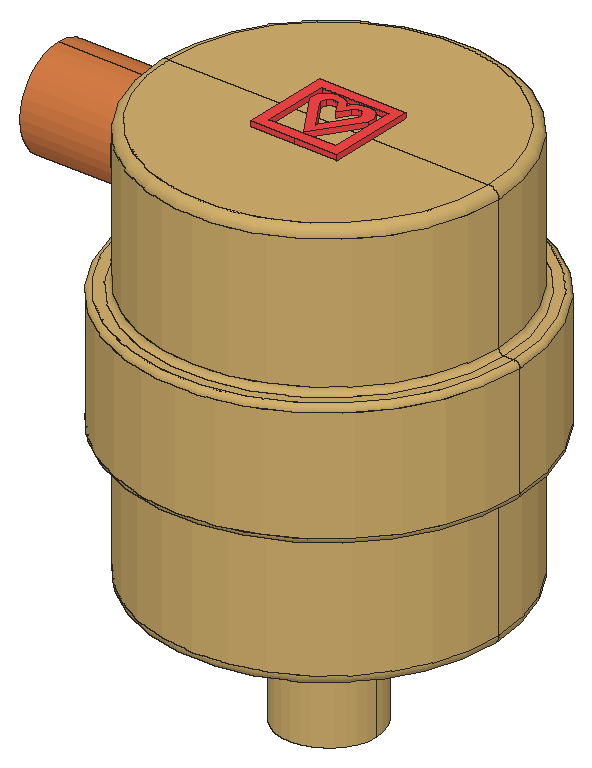
Revit family "Air Release Valve WE 2630 10", category Rohrzubehör, Revit 2019
Family settings
  Bemaßung runder Anschluss = Durchmesser verwenden
  Teiletyp = Normal
  OmniClass-Nummer = 23.65.55.14
  OmniClass-Titel = Valves for Liquid Services
  Arbeitsebenenbasiert = Nein
  Immer vertikal = Ja
  Beim Laden mit Abzugskörper schneiden = Nein
  Gemeinsam genutzt = Nein
Parameters
  Part number [instance] = if(Nennweite = 10.000 mm, 1263010, 0)  # 1263010
  Float ball = "polypropylene"  # constant formula
  SCRNSEQ = "AWI;AWI_TYP=\"1013\";1"
  SCRNCODE = "05;14;01"  # constant formula
  S03 = 24.500 mm  # constant formula
  S02 = 11.000 mm  # constant formula
  S01 = 56.000 mm  # constant formula
  min. Operating temperature = 0 °C  # constant formula
  max. Structual pressure = 1000000.0 Pa  # constant formula
  max. Operating temperature = 110 °C  # constant formula
  URL = "www.herzvalves.com"
  R02 = 0.600 mm  # constant formula
  R01 = 1.000 mm  # constant formula
  Nennweite [instance] = 10.000 mm  # constant formula
  Medium = "heating water quality according to ÖNORM H5195 or VDI-Standard 2035.\r\nthe use of ethylene or propylene glycol in a mixing ratio 25-50% is allowed.\r\nplease refer to manufacturers documentation when using ethylene glycol products for frost and corrosion protection.\r\nthe HERZ air vent is not suitable for usage of aggressive medium (such as: acids, alkalis, combustible and explosive gases..) because it can damage the sealing components."
  max. Operating pressure = 1000000.0 Pa  # constant formula
  L04 = L02 - L03  # 18.800 mm
  L03 = 9.500 mm  # constant formula
  L02 = 28.300 mm  # constant formula
  L01 = 4.000 mm  # constant formula
  Hersteller = "Herz-Armaturen GmbH"  # constant formula
  H08 = H00 - 1.000 mm  # 55.000 mm
  H07 = H00 - 7.500 mm  # 48.500 mm
  H06 = 2.500 mm  # constant formula
  H05 = 9.000 mm  # constant formula
  H04 = 14.500 mm  # constant formula
  H03 = 15.500 mm  # constant formula
  H02 = 13.000 mm  # constant formula
  H01 = 9.500 mm  # constant formula
  H00 = 56.000 mm  # constant formula
  Housing = "forged brass acc. to EN 12165, CW617N"  # constant formula
  G1 [instance] = Nennweite / 2  # 5.000 mm
  Sealing = "EPDM"  # constant formula
  Lid = "forged brass acc. to EN 12165, CW617N"  # constant formula
  D06 = 3.400 mm  # constant formula
  D05 = 5.100 mm  # constant formula
  D04 = 12.500 mm  # constant formula
  D03 = 11.000 mm  # constant formula
  D02 = 20.000 mm  # constant formula
  D01 = 17.800 mm  # constant formula
  External threaded connectors = "acc. to ISO 228"  # constant formula
  Field of application = "HERZ - Air vent is used for venting of the central heating installations.\r\nthe air vent should be placed nearby the boiler or at the highest points of installation.\r\ninstallations must be carried out in such a way that the retention of air bubbles in a certain part of installation is not possible.\r\nbefore usage, unscrew the polypropylene cover cap on the lid for 2 to 3 turns.\r\nin case of uncontrolled medium leakage, tighten the cover cap.\r\nthe air vent must be cleaned or replaced.\r\nwe always recommend to use backflow preventer for easy service and replacement of the air vent.\r\nthe air vents 1 2630 1X have a STOP function that prevents the entry of ambient air into the central heating installation."
  Cover cap = "ABS plastic, red colour"  # constant formula
Reference planes
  plane 1 "Mitte (Vorne/hinten)": y = 0
  plane 2: z = 0
  plane 3 "Mitte (Links/rechts)": x = 0
Forms (mm)
  Revolve 1, solid, material "Messing", detail levels fine
    sketch origin (0, 0, 0) x (1, 0, 0) y (0, 0, 1)
      loop
        line (0, 56) -> (-16.8, 56)
        arc (-16.8, 56) -> (-17.507, 55.707) -> (-17.8, 55) r 1
        line (-17.8, 55) -> (-17.8, 41.1)
        arc (-17.8, 41.1) -> (-17.976, 40.676) -> (-18.4, 40.5) r 0.6
        line (-18.4, 40.5) -> (-19.4, 40.5)
        arc (-19.4, 40.5) -> (-19.824, 40.324) -> (-20, 39.9) r 0.6
        line (-20, 39.9) -> (-20, 28.1)
        arc (-20, 28.1) -> (-19.824, 27.676) -> (-19.4, 27.5) r 0.6
        line (-19.4, 27.5) -> (-18.4, 27.5)
        arc (-18.4, 27.5) -> (-17.976, 27.324) -> (-17.8, 26.9) r 0.6
        line (-17.8, 26.9) -> (-17.8, 14)
        arc (-17.8, 14) -> (-17.507, 13.293) -> (-16.8, 13) r 1
        line (-16.8, 13) -> (-13.8, 13) -> (-9, 9.5) -> (-5, 9.5) -> (-5, 0) -> (0, 0) -> (0, 56)
      axis (0, 56) -> (0, 0)
    angle from 0 to 360
  Revolve 2, solid, material "Messing", detail levels fine
    sketch origin (0, 0, 0) x (1, 0, 0) y (0, 0, 1)
      loop
        line (0, 48.5) -> (0, 51.9) -> (-18.8, 51.9) -> (-18.8, 48.5) -> (0, 48.5)
      axis (-18.8, 48.5) -> (0, 48.5)
    angle from 0 to 360
  Revolve 3, solid, material "Kunststoff-Orange", detail levels fine
    sketch origin (0, 0, 0) x (1, 0, 0) y (0, 0, 1)
      loop
        line (-28.3, 48.5) -> (-18.8, 48.5) -> (-18.8, 53.6) -> (-28.3, 53.6) -> (-28.3, 48.5)
      axis (-28.3, 48.5) -> (-18.8, 48.5)
    angle from 0 to 360
Lines and regions (mm)
  model lines, detail levels coarse+medium
    curve 1: line (0, 0, 56) -> (-12.587, 0, 43.413)
    curve 2: line (0, 0, 56) -> (12.587, 0, 43.413)
    curve 3: circle (0, 0, 31.5) r 11 normal (0, -1, 0)
    curve 4: line (0, 0, 42.5) -> (0, 0, 56)
    curve 5: line (0, 0, 20.5) -> (0, 0, 0)
    curve 6: line (0, 0, 56) -> (0, -12.587, 43.413)
    curve 7: line (0, 0, 56) -> (0, 12.587, 43.413)
    curve 8: circle (0, 0, 31.5) r 11 normal (1, 0, 0)
    curve 9: line (0, 56, 0) -> (-12.587, 43.413, 0)
    curve 10: line (0, 56, 0) -> (12.587, 43.413, 0)
    curve 11: circle (0, 31.5, 0) r 11 normal (0, 0, 1)
    curve 12: line (0, 42.5, 0) -> (0, 56, 0)
    curve 13: line (0, 20.5, 0) -> (0, 0, 0)
Dimensions and locks
  "H02": Revolve 1 sketch curve to Revolve 1 sketch curve
  "H03": Revolve 1 sketch curve to Revolve 1 sketch curve
  "H04": Revolve 1 sketch curve to Revolve 1 sketch curve
  "L01": Revolve 1 sketch curve to Revolve 1 sketch curve  (x2)
  "D01": Revolve 1 sketch curve to Revolve 1 sketch curve  (x2)
  "D02": Revolve 1 sketch curve to Revolve 1 sketch curve
  "H07": Revolve 2 sketch curve to plane 2
  "D06": Revolve 2 sketch curve to Revolve 2 sketch curve
  "L02": plane 3 "Mitte (Links/rechts)" to Revolve 3 sketch curve
  "L03": Revolve 3 sketch curve to Revolve 3 sketch curve
  "D05": Revolve 3 sketch curve to Revolve 3 sketch curve
  "H07": Revolve 3 sketch curve to plane 2
  "L04": plane 3 "Mitte (Links/rechts)" to Revolve 2 sketch curve
  "H08": nested 1 to plane 2
  "G1": Revolve 1 sketch curve to Revolve 1 sketch curve
  "H00": Revolve 1 sketch curve to Revolve 1 sketch curve
  "H01": Revolve 1 sketch curve to Revolve 1 sketch curve
  "S01": curve 2 to plane 2
  "D01": curve 1 to curve 4
  "D01": curve 2 to curve 2
  "S03": curve 4 to curve 3
  "D01": curve 6 to curve 6
  "D01": curve 7 to curve 7
  "S03": curve 7 to curve 8
  "S01": curve 7 to plane 2
  "S01": plane 1 "Mitte (Vorne/hinten)" to curve 12
  "S03": curve 12 to curve 11
  "D01": curve 9 to curve 9
  "D01": curve 10 to curve 10
  "R01": radius of Revolve 1 sketch curve  (x2)
  "R02": radius of Revolve 1 sketch curve  (x4)
  "S02": radius of curve 3
  "S02": radius of curve 8
  "S02": radius of curve 11
  angle curve 1 to curve 4 = 45.00°
  angle curve 4 to curve 2 = 45.00°
  angle curve 6 to plane 1 "Mitte (Vorne/hinten)" = 45.00°
  angle plane 1 "Mitte (Vorne/hinten)" to curve 7 = 45.00°
  angle curve 9 to curve 12 = 45.00°
  angle curve 12 to curve 10 = 45.00°
  aligned and locked: level to plane 2
Automatic sketch dimensions
  curve 7 to plane 1 "Mitte (Vorne/hinten)" = 0.000 mm
  curve 8 to plane 1 "Mitte (Vorne/hinten)" = 0.000 mm
  curve 1 to plane 3 "Mitte (Links/rechts)" = 0.000 mm
  curve 5 to plane 3 "Mitte (Links/rechts)" = 0.000 mm
  curve 3 to plane 3 "Mitte (Links/rechts)" = 0.000 mm
  curve 5 to level = 0.000 mm
  curve 9 to plane 3 "Mitte (Links/rechts)" = 0.000 mm
  curve 13 to plane 3 "Mitte (Links/rechts)" = 0.000 mm
  curve 11 to plane 3 "Mitte (Links/rechts)" = 0.000 mm
  plane 1 "Mitte (Vorne/hinten)" to curve 13 = 0.000 mm
  Revolve 1 sketch curve to level = 0.000 mm
  Revolve 1 sketch curve to plane 3 "Mitte (Links/rechts)" = 0.000 mm
  plane 3 "Mitte (Links/rechts)" to Revolve 1 sketch curve = 0.000 mm
  Revolve 1 sketch curve to Revolve 1 sketch curve = 2000.000 mm
  Revolve 1 sketch curve to Revolve 1 sketch curve = 1932.500 mm
  Revolve 2 sketch curve to plane 3 "Mitte (Links/rechts)" = 0.000 mm  (x2)
  Revolve 2 sketch curve to Revolve 2 sketch curve = 0.000 mm  (x2)
  Revolve 3 sketch curve to Revolve 3 sketch curve = 0.000 mm  (x3)
Nested families
  nested 1: "Herz-Logo" at (0, 0, 55), type "Herz-Logo", detail levels fine
Connectors
  piping at (0, 0, 0), diameter 10, driven by "Nennweite"
    settings: on Revolve 1, index 1, connector inside diameter 609.6 mm, connector length 0.000 mm, flow factor 0, pipe flow 0.0 L/s, pressure drop 0.0 Pa, fitting loss kfactor 0, connector angle 0.00°, fixture units 0, engagement length 0.000 mm, angle of deflection 0.00°, flow configuration 0, flow direction 1, fitting loss method 0, system type 29, joint type 0, gender type 0, connector reference index -1, connector utility 0, adjustable connector no, is connector primary yes, connector description ""
Definition of nested family "Herz-Logo"
  Reference planes
    plane 1 "Mitte (Vorne/hinten)": y = 0
    plane 2: z = 0
    plane 3 "Mitte (Links/rechts)": x = 0
  Forms (mm)
    Extrusion 1, solid
      sketch origin (0, 0, 0) x (1, 0, 0) y (0, 1, 0)
        loop
          line (-0.018, -4.517) -> (4.482, -4.517) -> (4.482, 4.483) -> (-4.518, 4.483) -> (-4.518, -4.517) -> (-0.018, -4.517)
        loop
          line (-0.05, -3.48) -> (3.482, -3.48) -> (3.482, 3.483) -> (-3.518, 3.483) -> (-3.518, -3.48) -> (-0.05, -3.48)
        loop
          arc (-0.018, 2.383) -> (-1.543, 3.287) -> (-3.067, 2.383) r 1.738
          arc (-3.067, 2.383) -> (-3.191, 1.899) -> (-3.067, 1.415) r 1.009
          line (-3.067, 1.415) -> (-0.018, -3.281) -> (3.032, 1.415)
          arc (3.032, 1.415) -> (3.156, 1.899) -> (3.032, 2.383) r 1.009
          arc (3.032, 2.383) -> (1.507, 3.287) -> (-0.018, 2.383) r 1.738
        loop
          arc (1.885, 1.272) -> (2.005, 1.675) -> (1.885, 2.079) r 0.74
          arc (1.885, 2.079) -> (1.265, 2.416) -> (0.644, 2.079) r 0.74
          line (0.644, 2.079) -> (-0.018, 0.97) -> (-0.679, 2.079)
          arc (-0.679, 2.079) -> (-1.3, 2.416) -> (-1.921, 2.079) r 0.74
          arc (-1.921, 2.079) -> (-2.04, 1.675) -> (-1.921, 1.272) r 0.74
          line (-1.921, 1.272) -> (-0.018, -1.658) -> (1.885, 1.272)
      from 0 to 1.5
  Dimensions and locks
    aligned and locked: level to plane 2
